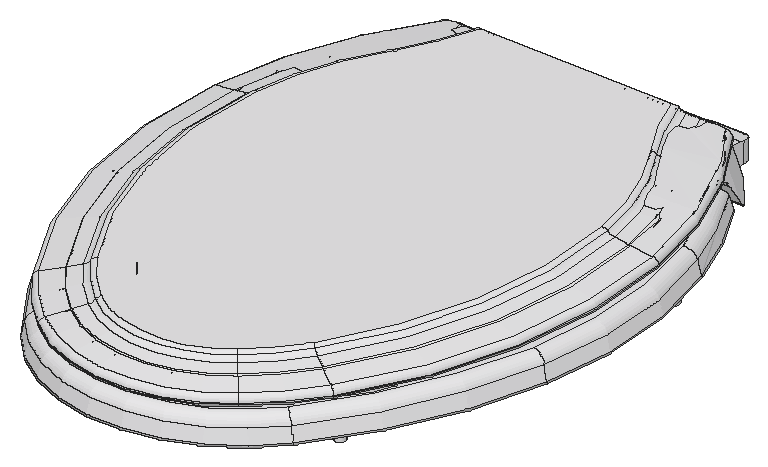
Revit family "Toilet_Seat-Elongated_Closed_Front-KOHLER-Rutledge-K-24764_1", category Specialty Equipment, host Face, Revit 2017
Family settings
  Host = Face
  Round Connector Dimension = Use Diameter
  Part Type = Normal
  OmniClass Number = 23.31.19.19.17
  OmniClass Title = Water Closet Seats
  Cut with Voids When Loaded = No
  Shared = No
  Room Calculation Point = No
Parameters (values of type "0-White")
  Width = 14.1811"  # constant formula
  WaterSense Certified = 1 = 0  # no
  URL = "https://www.us.kohler.com/us/"
  Type = 1
  Product Page URL = "http://www.us.kohler.com/us/catalog/productDetails.jsp?productId=24764-RL"
  Product Name = "Rutledge"  # constant formula
  Product Documentation Link = "https://www.us.kohler.com/webassets/kpna/catalog/pdf/en/K-24764-RL_spec_US-CA_Kohler_en.pdf"
  Model = "K-24764-RL-0"  # constant formula
  Material = "Plastic"  # constant formula
  Master Format 2014 Name = "Toilet, Bath, and Laundry Accessories"  # constant formula
  Master Format 2014 = "10 28 00"  # constant formula
  Manufacturer Address = "444 Highland Dr, Kohler, WI 53044"  # constant formula
  Manufacturer = "KOHLER Co."  # constant formula
  Length = 19.76378"  # constant formula
  Height = 2.18898"  # constant formula
  Finish = Kohler-Plastic-0-White
  Environmental Product Declaration = ""
  Description = "Nightlight Readylatch QC Elongated Toilet Seat"  # constant formula
  Default Elevation = 15"
  Declare Label = ""
  Date Modified = "12/23/2021"  # constant formula
  Date Created = "12/23/2021"  # constant formula
  Copyright = "Copyright KOHLER Co."  # constant formula
  Contact Us = "https://www.us.kohler.com/us/static/contact.jsp"
  Assembly Code = "C1030200"
  ADA Compliant = 1 = 0  # no
Reference planes (in)
  plane 1 "Center (Front/Back)": y = 0
  plane 2: z = 0
  plane 3 "Center (Left/Right)": x = 0
  plane 4: y = 9.40784
  plane 5: x = 2.75
  plane 6: x = 7.09055
  plane 7: x = -7.09055
  plane 8: y = -9.29294
  plane 9: x = -2.75
  plane 10: y = 8.75699
  plane 11: z = -0.16535
  plane 12: y = 10.47084
  plane 13: z = 2.18898
  plane 14: z = 1.09078
  plane 15: z = -0.04
  plane 16: y = -6.93074
  plane 17: y = 5.35273
  plane 18: x = -4.13386
  plane 19: x = 4.13386
  plane 20: y = 0.58895
Forms (in)
  Extrusion 1, void
    sketch origin (0, 0, 0) x (1, 0, 0) y (0, 1, 0)
      loop
        spline (-0.00619, 6.3544) -> (-1.199, 6.13377) -> (-2.31053, 5.48692) -> (-3.26502, 4.45794) -> (-3.99742, 3.11693) -> (-4.45783, 1.5553) -> (-4.61487, -0.12053) -> (-4.45783, -1.79636) -> (-3.99742, -3.35799) -> (-3.26502, -4.699) -> (-2.31053, -5.72798) -> (-1.199, -6.37483) -> (-0.00619, -6.59546)
        spline (-0.00619, -6.59546) -> (1.18663, -6.37483) -> (2.29816, -5.72798) -> (3.25265, -4.699) -> (3.98505, -3.35799) -> (4.44546, -1.79636) -> (4.6025, -0.12053) -> (4.44546, 1.5553) -> (3.98505, 3.11693) -> (3.25265, 4.45794) -> (2.29816, 5.48692) -> (1.18663, 6.13377) -> (-0.00619, 6.3544)
    from 0.10156 to -0.37964
Dimensions and locks (in)
  plane 8 to plane 4 = 18.70079"
  locked: plane 8 to plane 1 "Center (Front/Back)" at 9.29294
  "Width": plane 7 to plane 6
  "Length": plane 12 to plane 8
  plane 14 to level = 1.09078"
  "Height": plane 13 to level
  plane 13 to plane 11 = 2.35433"
  plane 10 to plane 8 = 18.04993"
  plane 8 to plane 20 = 9.88189"
  aligned and locked: plane 2 to host face
  aligned and locked: level to host face
Automatic sketch dimensions
  host sketch curve to host sketch curve = 96"  (x2)
  Extrusion 1 sketch curve to plane 3 "Center (Left/Right)" = 0.00619"
  plane 1 "Center (Front/Back)" to Extrusion 1 sketch curve = 0.12053"
  plane 10 to Extrusion 1 sketch curve = 2.40259"
Nested families (in)
  nested 1: "K-24764" at (0, 0, 0), type "K-24764"
  nested 2: "Light_Source" at (0, 7.50824, 0.07382) x (0, 1, 0) z (0, 0, 1), type "Light_Source"
Definition of nested family "K-24764"
  Parameters (values of type "K-24764")
    not RL = not(RL)  # yes
    RL = no
    Material = none
  Reference planes (in)
    plane 1 "Center (Front/Back)": y = 0
    plane 2: z = 0
    plane 3 "Center (Left/Right)": x = 0
    plane 4: x = 2.75
    plane 5: x = -2.75
    plane 6: x = 7.09055
    plane 7: x = -7.09055
    plane 8: y = 9.40784
    plane 9: y = -9.29294
    plane 10: y = 5.36159
    plane 11: y = -6.84313
    plane 12: y = 8.75699
    plane 13: y = 10.47084
    plane 14: z = 2.18898
    plane 15: z = -0.16535
    plane 16: z = 1.09078
    plane 17: z = -0.04
  Forms (in)
    Extrusion 1, void
      sketch origin (0, 0, 0) x (1, 0, 0) y (0, 1, 0)
        loop
          arc (-4.7045, 3.63398) -> (-5.09106, 1.65519) -> (-4.8268, -0.34361) r 6.24306
          arc (-4.8268, -0.34361) -> (-3.96939, -2.73079) -> (-2.87248, -5.01785) r 24.7856
          arc (-2.87248, -5.01785) -> (-1.86321, -6.26637) -> (-0.4765, -7.07537) r 4.44887
          arc (-0.4765, -7.07537) -> (0, -7.15881) -> (0.4765, -7.07537) r 1.40234
          arc (0.4765, -7.07537) -> (1.86321, -6.26637) -> (2.87248, -5.01785) r 4.44887
          arc (2.87248, -5.01785) -> (3.96939, -2.73079) -> (4.8268, -0.34361) r 24.7856
          arc (4.8268, -0.34361) -> (5.09106, 1.65519) -> (4.7045, 3.63397) r 6.24306
          spline (4.7045, 3.63397) -> (4.5987, 3.88914) -> (4.47391, 4.13559) -> (4.33093, 4.37196) -> (4.1705, 4.59685) -> (3.99347, 4.80893) -> (3.80092, 5.00705) -> (3.59399, 5.19013) -> (3.37383, 5.35706) -> (3.14164, 5.50682) -> (2.89879, 5.63863) -> (2.6467, 5.75179) -> (2.38678, 5.84561)
          spline (2.38678, 5.84561) -> (1.9987, 5.95834) -> (1.60534, 6.05098) -> (1.20773, 6.12331) -> (0.80694, 6.17513) -> (0.40401, 6.20624) -> (0, 6.21661) -> (-0.404, 6.20624) -> (-0.80693, 6.17513) -> (-1.20773, 6.12331) -> (-1.60533, 6.05098) -> (-1.99869, 5.95834) -> (-2.38678, 5.84562)
          spline (-2.38678, 5.84562) -> (-2.64669, 5.7518) -> (-2.89878, 5.63863) -> (-3.14163, 5.50682) -> (-3.37382, 5.35707) -> (-3.59398, 5.19014) -> (-3.80091, 5.00706) -> (-3.99347, 4.80893) -> (-4.1705, 4.59685) -> (-4.33093, 4.37196) -> (-4.47391, 4.1356) -> (-4.59869, 3.88914) -> (-4.7045, 3.63398)
      from 0 to 0.62106
    Extrusion 2, solid, material <- "Material", visible <- "not RL", detail levels medium+fine
      sketch origin (0, 0.22146, 0) x (0, 1, 0) y (0, 0, 1)
        loop
          arc (8.43369, 1.2112) -> (7.945, 1.62491) -> (7.49422, 1.17019) r 0.47164
          line (7.49422, 1.17019) -> (7.45336, 0) -> (8.58241, 0) -> (8.43369, 1.2112)
      from -4.06932 to 4.07795
    Sweep 3, solid, material <- "Material", visible <- "not RL", detail levels medium+fine
      path origin (0, -0.00614, 0.10686) x (1, 0, 0) y (0, 0.999565, -0.029494)
        loop
          arc (4.08913, -1.94237) -> (4.29377, -0.86592) -> (4.38373, 0.22612) r 10.37361
          arc (4.38373, 0.22612) -> (4.27563, 1.84381) -> (3.86057, 3.41108) r 8.4503
          arc (3.86057, 3.41108) -> (3.17947, 4.44665) -> (2.11343, 5.07899) r 2.75591
          arc (2.11343, 5.07899) -> (0.00001, 5.40768) -> (-2.11342, 5.079) r 6.95902
          arc (-2.11342, 5.079) -> (-3.17946, 4.44665) -> (-3.86056, 3.41109) r 2.75591
          arc (-3.86056, 3.41109) -> (-4.27368, 1.85558) -> (-4.38439, 0.24995) r 8.4503
          arc (-4.38439, 0.24995) -> (-4.29558, -0.85684) -> (-4.08897, -1.94779) r 10.37361
          arc (-4.08897, -1.94779) -> (-3.59991, -3.44894) -> (-2.89415, -4.86122) r 10.64256
          arc (-2.89415, -4.86122) -> (-2.62612, -5.28075) -> (-2.33272, -5.68295) r 8.0693
          arc (-2.33272, -5.68295) -> (-0.00402, -6.82279) -> (2.32621, -5.68608) r 2.95276
          arc (2.32621, -5.68608) -> (2.62321, -5.2798) -> (2.89431, -4.85579) r 8.0693
          arc (2.89431, -4.85579) -> (3.60007, -3.44351) -> (4.08913, -1.94237) r 10.64256
      profile origin (-4.38439, 0.24371, 0.09949) x (-0.999648, -0.026517, 0.000782) y (0, 0.029494, 0.999565)
        loop
          arc (0, -0.10263) -> (0.44445, 0.29086) -> (1.01815, 0.44328) r 1.28822
          line (1.01815, 0.44328) -> (1.01815, 0.58755)
          arc (1.01815, 0.58755) -> (0.46094, 0.4376) -> (0, 0.09045) r 1.5174
          line (0, 0.09045) -> (0, -0.10263)
    Extrusion 4, solid, material <- "Material", visible <- "not RL", detail levels medium+fine
      sketch origin (0, 0, 0) x (1, 0, 0) y (0, 1, 0)
        loop
          arc (-3.33655, -5.0745) -> (-3.97995, -5.36566) -> (-4.46268, -5.88114) r 1.80745
          arc (-4.46268, -5.88114) -> (-4.4583, -6.04732) -> (-4.30392, -6.10897) r 0.15114
          arc (-4.30392, -6.10897) -> (-3.65256, -5.83066) -> (-3.16247, -5.31925) r 1.77011
          arc (-3.16247, -5.31925) -> (-3.16749, -5.13855) -> (-3.33655, -5.0745) r 0.16236
        loop
          arc (3.33655, -5.0745) -> (3.16749, -5.13855) -> (3.16247, -5.31925) r 0.16236
          arc (3.16247, -5.31925) -> (3.65256, -5.83066) -> (4.30392, -6.10897) r 1.77011
          arc (4.30392, -6.10897) -> (4.4583, -6.04732) -> (4.46268, -5.88114) r 0.15114
          arc (4.46268, -5.88114) -> (3.97995, -5.36566) -> (3.33655, -5.0745) r 1.80745
        loop
          line (-6.21775, 3.60309) -> (-5.73511, 3.62549)
          arc (-5.73511, 3.62549) -> (-5.64344, 3.69904) -> (-5.6854, 3.80884) r 0.09978
          line (-5.6854, 3.80884) -> (-6.09061, 4.07198)
          arc (-6.09061, 4.07198) -> (-6.47585, 3.92476) -> (-6.21775, 3.60309) r 0.25516
        loop
          arc (6.21775, 3.60309) -> (6.47585, 3.92476) -> (6.09061, 4.07198) r 0.25516
          line (6.09061, 4.07198) -> (5.6854, 3.80884)
          arc (5.6854, 3.80884) -> (5.64344, 3.69904) -> (5.73511, 3.62549) r 0.09978
          line (5.73511, 3.62549) -> (6.21775, 3.60309)
      from 0 to 0.62106
    Extrusion 5, void
      sketch origin (0, 0, -0.1875) x (0, 1, 0) y (0, 0, 1)
        loop
          line (8.93774, 1.49714) -> (8.93774, 1.86694) -> (7.73157, 1.86694) -> (7.73157, 1.49714) -> (8.93774, 1.49714)
      from -3.93701 to 3.93701
    Extrusion 6, void
      sketch origin (0, 0, 0) x (1, 0, 0) y (0, 0, 1)
        loop
          line (3.51327, 0.6836) -> (3.51327, -0.0664) -> (4.15244, -0.0664) -> (4.15244, 0.6836) -> (3.51327, 0.6836)
        loop
          line (-3.51327, 0.6836) -> (-4.15244, 0.6836) -> (-4.15244, -0.0664) -> (-3.51327, -0.0664) -> (-3.51327, 0.6836)
      from -8.86117 to -7.39807
    Extrusion 7, solid, material <- "Material", detail levels coarse
      sketch origin (0, 0, 0) x (1, 0, 0) y (0, 1, 0)
        loop
          arc (-6.48578, 4.12717) -> (-6.94754, 0.87717) -> (-6.48578, -2.37283) r 11.6681
          arc (-6.48578, -2.37283) -> (-5.97198, -3.87821) -> (-5.32017, -5.32918) r 17.05681
          arc (-5.32017, -5.32918) -> (-4.72582, -6.37) -> (-4.03054, -7.3463) r 11.99096
          arc (-4.03054, -7.3463) -> (0, -9.29812) -> (4.03054, -7.3463) r 5.13747
          arc (4.03054, -7.3463) -> (4.72582, -6.37) -> (5.32017, -5.32918) r 11.99096
          arc (5.32017, -5.32918) -> (5.97198, -3.87821) -> (6.48578, -2.37283) r 17.05681
          arc (6.48578, -2.37283) -> (6.94754, 0.87717) -> (6.48578, 4.12717) r 11.6681
          arc (6.48578, 4.12717) -> (5.80053, 6.06933) -> (4.89908, 7.92107) r 18.09986
          arc (4.89908, 7.92107) -> (4.44049, 8.38913) -> (3.80813, 8.56089) r 1.25
          line (3.80813, 8.56089) -> (-3.80813, 8.56089)
          arc (-3.80813, 8.56089) -> (-4.44049, 8.38913) -> (-4.89908, 7.92107) r 1.25
          arc (-4.89908, 7.92107) -> (-5.80053, 6.06933) -> (-6.48578, 4.12717) r 18.09986
      from 0 to 1.8224
    Extrusion 8, solid, material <- "Material", detail levels coarse
      sketch origin (0, 0, 0) x (1, 0, 0) y (0, 1, 0)
        loop
          line (3.51327, 8.56089) -> (3.51327, 10.15725) -> (1.983, 10.15725) -> (1.983, 8.56089) -> (3.51327, 8.56089)
        loop
          line (-1.983, 8.56089) -> (-1.983, 10.15725) -> (-3.51327, 10.15725) -> (-3.51327, 8.56089) -> (-1.983, 8.56089)
      from 0 to 0.6836
    Extrusion 9, solid, material <- "Material", visible <- "not RL", detail levels medium+fine
      sketch origin (0, 0.36909, 0) x (0, 1, 0) y (0, 0, -1)
        loop
          arc (8.32203, -0.76192) -> (8.91609, -0.72367) -> (9.50377, -0.62882) r 6.22173
          arc (9.50377, -0.62882) -> (9.77491, -0.56866) -> (10.04473, -0.50285) r 13.27733
          arc (10.04473, -0.50285) -> (10.1015, -0.4368) -> (10.0588, -0.36089) r 0.07589
          arc (10.0588, -0.36089) -> (9.98489, -0.29672) -> (9.95409, -0.20382) r 0.18493
          arc (9.95409, -0.20382) -> (9.9498, -0.10194) -> (9.9476, 0) r 4.97213
          line (9.9476, 0) -> (8.32203, 0) -> (8.32203, -0.76192)
      from 1.983 to 3.51327
    Extrusion 10, void
      sketch origin (0, 0, 0) x (1, 0, 0) y (0, 1, 0)
        loop
          arc (-3.51327, 9.99338) -> (-3.37343, 10.33099) -> (-3.03582, 10.47084) r 0.47745
          line (-3.03582, 10.47084) -> (-2.45956, 10.47084)
          arc (-2.45956, 10.47084) -> (-2.12258, 10.33125) -> (-1.983, 9.99427) r 0.47656
          line (-1.983, 9.99427) -> (-1.6808, 9.99427) -> (-1.6808, 10.82702) -> (-3.9308, 10.82702) -> (-3.9308, 9.99338) -> (-3.51327, 9.99338)
        loop
          line (3.51327, 9.99338) -> (3.9308, 9.99338) -> (3.9308, 10.82702) -> (1.6808, 10.82702) -> (1.6808, 9.99427) -> (1.983, 9.99427)
          arc (1.983, 9.99427) -> (2.12258, 10.33125) -> (2.45956, 10.47084) r 0.47656
          line (2.45956, 10.47084) -> (3.03582, 10.47084)
          arc (3.03582, 10.47084) -> (3.37343, 10.33099) -> (3.51327, 9.99338) r 0.47745
      from 0 to 0.62106
    Extrusion 11, solid, material <- "Material", detail levels coarse
      sketch origin (0, 0.3937, 0) x (1, 0, 0) y (0, 1, 0)
        loop
          spline (0, -6.20079) -> (1.06992, -6.00627) -> (2.06693, -5.43597) -> (2.92308, -4.52876) -> (3.58003, -3.34646) -> (3.993, -1.96964) -> (4.13386, -0.49213) -> (3.993, 0.98538) -> (3.58003, 2.3622) -> (2.92308, 3.54451) -> (2.06693, 4.45172) -> (1.06992, 5.02202) -> (0, 5.21654)
          spline (0, 5.21654) -> (-1.06992, 5.02202) -> (-2.06693, 4.45172) -> (-2.92308, 3.54451) -> (-3.58003, 2.3622) -> (-3.993, 0.98538) -> (-4.13386, -0.49213) -> (-3.993, -1.96964) -> (-3.58003, -3.34646) -> (-2.92308, -4.52876) -> (-2.06693, -5.43597) -> (-1.06992, -6.00627) -> (0, -6.20079)
      from 0 to -0.16535
    Sweep 12, solid, material <- "Material", visible <- "not RL", detail levels medium+fine
      path origin (0, 0, 0) x (1, 0, 0) y (0, 1, 0)
        loop
          arc (-4.03054, -7.3463) -> (0, -9.29812) -> (4.03054, -7.3463) r 5.13747
          arc (4.03054, -7.3463) -> (5.76896, -4.54269) -> (6.82993, -1.41914) r 14.52506
          arc (6.82993, -1.41914) -> (7.08154, 1.66733) -> (6.51725, 4.71219) r 11.73798
          arc (6.51725, 4.71219) -> (5.92448, 6.19402) -> (5.14466, 7.58653) r 12.28859
          line (5.14466, 7.58653) -> (-5.14466, 7.58653)
          arc (-5.14466, 7.58653) -> (-5.92448, 6.19402) -> (-6.51725, 4.71219) r 12.28859
          arc (-6.51725, 4.71219) -> (-7.08154, 1.66733) -> (-6.82993, -1.41914) r 11.73798
          arc (-6.82993, -1.41914) -> (-5.76896, -4.54269) -> (-4.03054, -7.3463) r 14.52506
      profile origin (0, -9.29812, 0) x (0, 1, 0) y (0, 0, 1)
        loop
          line (0.06435, 0.31852) -> (2.40369, 0.31852) -> (2.40369, 1.09078) -> (0.49641, 1.09078)
          arc (0.49641, 1.09078) -> (0.25674, 1.00943) -> (0.11612, 0.79898) r 0.3937
          line (0.11612, 0.79898) -> (0.0073, 0.39286)
          arc (0.0073, 0.39286) -> (0.01749, 0.34162) -> (0.06435, 0.31852) r 0.05906
    Extrusion 13, solid, material <- "Material", visible <- "not RL", detail levels medium+fine
      sketch origin (0, 0, 0) x (1, 0, 0) y (0, 1, 0)
        loop
          arc (4.23223, 3.96624) -> (4.00811, 4.58265) -> (3.74361, 5.18284) r 9.8849
          line (3.74361, 5.18284) -> (-3.74361, 5.18284)
          arc (-3.74361, 5.18284) -> (-4.00811, 4.58265) -> (-4.23223, 3.96624) r 9.8849
          arc (-4.23223, 3.96624) -> (-4.68097, 1.54491) -> (-4.48088, -0.90951) r 9.33429
          arc (-4.48088, -0.90951) -> (-3.59548, -3.51617) -> (-2.14475, -5.85581) r 12.12137
          arc (-2.14475, -5.85581) -> (0, -6.89443) -> (2.14475, -5.85581) r 2.73377
          arc (2.14475, -5.85581) -> (3.59548, -3.51617) -> (4.48088, -0.90951) r 12.12137
          arc (4.48088, -0.90951) -> (4.68097, 1.54491) -> (4.23223, 3.96624) r 9.33429
      from 1.09078 to 0.31852
    Sweep 14, solid, material <- "Material", detail levels medium+fine
      path origin (0, 0.01942, 0.09999) x (1, 0, 0) y (0, 0.999925, 0.012217)
        loop
          arc (2.97065, -8.00837) -> (3.7711, -7.24369) -> (4.45379, -6.37226) r 7.70956
          arc (4.45379, -6.37226) -> (6.39654, -1.9036) -> (6.6154, 2.96418) r 13.41804
          arc (6.6154, 2.96418) -> (5.32401, 6.98292) -> (2.74448, 10.32418) r 12.24238
          line (2.74448, 10.32418) -> (-2.74448, 10.32418)
          arc (-2.74448, 10.32418) -> (-5.32401, 6.98292) -> (-6.6154, 2.96418) r 12.24238
          arc (-6.6154, 2.96418) -> (-6.39654, -1.9036) -> (-4.45379, -6.37226) r 13.41804
          arc (-4.45379, -6.37226) -> (-3.7711, -7.24369) -> (-2.97065, -8.00837) r 7.70956
          arc (-2.97065, -8.00837) -> (0, -9.07709) -> (2.97065, -8.00837) r 4.66301
      profile origin (0, -9.05699, -0.0109) x (0, -0.999925, -0.012217) y (0, -0.012217, 0.999925)
        loop
          line (-2.42833, 1.2291) -> (-1.54565, 1.2291)
          arc (-1.54565, 1.2291) -> (-0.87377, 1.24015) -> (-0.20262, 1.27328) r 20.43527
          arc (-0.20262, 1.27328) -> (-0.12971, 1.27556) -> (-0.05682, 1.27279) r 1.05548
          arc (-0.05682, 1.27279) -> (-0.02122, 1.28532) -> (-0.00615, 1.31991) r 0.04724
          line (-0.00615, 1.31991) -> (-0.00615, 1.35092)
          arc (-0.00615, 1.35092) -> (-0.04974, 1.47445) -> (-0.16119, 1.54328) r 0.19685
          arc (-0.16119, 1.54328) -> (-0.88996, 1.69726) -> (-1.62046, 1.8428) r 64.40106
          line (-1.62046, 1.8428) -> (-2.42833, 1.8428) -> (-2.42833, 1.2291)
    Extrusion 15, solid, material <- "Material", detail levels medium+fine
      sketch origin (0, 0, 0) x (0, 1, 0) y (0, 0, 1)
        loop
          line (8.75708, 0.52) -> (8.60206, 1.70839) -> (6.46265, 1.59627)
          arc (6.46265, 1.59627) -> (6.94563, 1.498) -> (7.32041, 1.17791) r 0.98425
          line (7.32041, 1.17791) -> (7.81164, 0.47637)
          arc (7.81164, 0.47637) -> (7.89666, 0.40779) -> (8.00515, 0.39509) r 0.19685
          line (8.00515, 0.39509) -> (8.75708, 0.52)
      from -3.96662 to -5.52785
    Sweep 16, solid, material <- "Material", detail levels medium+fine
      path origin (0, 0.01942, 0.09999) x (1, 0, 0) y (0, 0.999925, 0.012217)
        loop
          arc (2.97065, -8.00837) -> (3.7711, -7.24369) -> (4.45379, -6.37226) r 7.70956
          arc (4.45379, -6.37226) -> (6.39654, -1.9036) -> (6.6154, 2.96418) r 13.41804
          arc (6.6154, 2.96418) -> (6.07545, 5.07639) -> (5.07742, 7.01467) r 9.70004
          arc (5.07742, 7.01467) -> (4.29435, 8.59594) -> (3.93825, 10.32418) r 6.89535
          line (3.93825, 10.32418) -> (-3.93825, 10.32418)
          arc (-3.93825, 10.32418) -> (-4.29435, 8.59594) -> (-5.07742, 7.01467) r 6.89535
          arc (-5.07742, 7.01467) -> (-6.07545, 5.07639) -> (-6.6154, 2.96418) r 9.70004
          arc (-6.6154, 2.96418) -> (-6.39654, -1.9036) -> (-4.45379, -6.37226) r 13.41804
          arc (-4.45379, -6.37226) -> (-3.7711, -7.24369) -> (-2.97065, -8.00837) r 7.70956
          arc (-2.97065, -8.00837) -> (0, -9.07709) -> (2.97065, -8.00837) r 4.66301
      profile origin (0, -9.05699, -0.0109) x (0, -0.999925, -0.012217) y (0, -0.012217, 0.999925)
        loop
          line (-1.51852, 1.93918) -> (-2.42833, 1.93918) -> (-2.42833, 1.56404) -> (-0.53623, 1.56404)
          arc (-0.53623, 1.56404) -> (-0.66281, 1.63517) -> (-0.80123, 1.67898) r 0.70815
          arc (-0.80123, 1.67898) -> (-0.99202, 1.71812) -> (-1.18293, 1.75668) r 64.40106
          arc (-1.18293, 1.75668) -> (-1.28409, 1.79589) -> (-1.3661, 1.8669) r 0.31702
          arc (-1.3661, 1.8669) -> (-1.43418, 1.92019) -> (-1.51852, 1.93918) r 0.19685
    Extrusion 17, void
      sketch origin (0, 0, 0) x (0, 1, 0) y (0, 0, 1)
        loop
          line (8.76034, 0.49498) -> (10.42138, 0.49498) -> (10.42138, 2.40238) -> (8.10622, 2.40238) -> (8.10622, 2.15287)
          arc (8.10622, 2.15287) -> (8.22986, 2.10981) -> (8.3, 1.99926) r 0.19903
          arc (8.3, 1.99926) -> (8.31986, 1.95646) -> (8.35508, 1.92507) r 0.11631
          line (8.35508, 1.92507) -> (8.51755, 1.83127)
          arc (8.51755, 1.83127) -> (8.575, 1.77743) -> (8.60267, 1.70372) r 0.17314
          line (8.60267, 1.70372) -> (8.76034, 0.49498)
      from 11.81102 to -11.81102
    Extrusion 18, void
      sketch origin (-1.07717, 0, -1.85774) x (0.927184, 0, -0.374607) y (0, 1, 0)
        loop
          line (-2.83516, 10.04955) -> (-7.62699, 10.04955) -> (-7.62699, 5.32542) -> (-5.83073, 5.32542)
          arc (-5.83073, 5.32542) -> (-4.67293, 7.90307) -> (-2.83516, 10.04955) r 9.91708
      from 0 to 3.93701
    Extrusion 19, void
      sketch origin (1.05257, 0, -1.85774) x (-0.927184, 0, -0.374607) y (0, -1, 0)
        loop
          arc (-2.83516, -10.04955) -> (-4.67293, -7.90307) -> (-5.83073, -5.32542) r 9.91708
          line (-5.83073, -5.32542) -> (-7.62699, -5.32542) -> (-7.62699, -10.04955) -> (-2.83516, -10.04955)
      from 0 to 3.93701
    Extrusion 20, solid, material <- "Material", detail levels medium+fine
      sketch origin (0, 0, 0) x (0, 1, 0) y (0, 0, -1)
        loop
          line (8.75708, -0.52) -> (8.00515, -0.39509)
          arc (8.00515, -0.39509) -> (7.89666, -0.40779) -> (7.81164, -0.47637) r 0.19685
          line (7.81164, -0.47637) -> (7.32041, -1.17791)
          arc (7.32041, -1.17791) -> (6.94563, -1.498) -> (6.46265, -1.59627) r 0.98425
          line (6.46265, -1.59627) -> (8.60206, -1.70839) -> (8.75708, -0.52)
      from -3.96662 to -5.52785
    Extrusion 21, solid, material <- "Material", detail levels medium+fine
      sketch origin (13.54696, 10.35406, 2.16559) x (-0.999992, -0.003939, -0.000048) y (0.003939, -0.999918, -0.012217)
        loop
          line (11.0321, 2.41982) -> (16.08102, 2.39993)
          arc (16.08102, 2.39993) -> (16.43118, 3.61793) -> (16.91559, 4.78903) r 11.29437
          arc (16.91559, 4.78903) -> (17.46167, 6.19009) -> (17.78731, 7.65814) r 9.81405
          arc (17.78731, 7.65814) -> (17.62377, 11.64565) -> (16.04703, 15.31183) r 10.98971
          arc (16.04703, 15.31183) -> (15.58173, 15.91062) -> (15.03547, 16.4366) r 5.28123
          arc (15.03547, 16.4366) -> (13.61385, 16.95437) -> (12.18821, 16.44781) r 2.23468
          arc (12.18821, 16.44781) -> (11.63782, 15.92615) -> (11.16781, 15.33105) r 5.28123
          arc (11.16781, 15.33105) -> (9.56224, 11.6774) -> (9.36729, 7.69131) r 10.98971
          arc (9.36729, 7.69131) -> (9.68135, 6.22074) -> (10.21638, 4.81542) r 9.81405
          arc (10.21638, 4.81542) -> (10.69155, 3.64054) -> (11.0321, 2.41982) r 11.29437
      from 0 to -0.71008
    Extrusion 22, solid, material <- "Material", detail levels medium+fine
      sketch origin (13.54696, 10.35406, 2.16559) x (-0.999992, -0.003939, -0.000048) y (0.003939, -0.999918, -0.012217)
        loop
          arc (19.39768, 5.09339) -> (19.62983, 5.5914) -> (19.75845, 6.12559) r 2.75272
          arc (19.75845, 6.12559) -> (19.69113, 6.23549) -> (19.5701, 6.19121) r 0.10173
          arc (19.5701, 6.19121) -> (19.33918, 5.69247) -> (19.21253, 5.15766) r 2.73807
          arc (19.21253, 5.15766) -> (19.27889, 5.04999) -> (19.39768, 5.09339) r 0.10003
        loop
          arc (7.73676, 5.13933) -> (7.85521, 5.095) -> (7.92241, 5.20213) r 0.10003
          arc (7.92241, 5.20213) -> (7.79998, 5.73792) -> (7.573, 6.23847) r 2.73807
          arc (7.573, 6.23847) -> (7.45232, 6.2837) -> (7.38414, 6.17434) r 0.10173
          arc (7.38414, 6.17434) -> (7.50854, 5.63915) -> (7.73676, 5.13933) r 2.75272
      from -0.46881 to -0.79011
    Extrusion 23, solid, material <- "Material", detail levels medium+fine
      sketch origin (13.54696, 10.35406, 2.16559) x (-0.999992, -0.003939, -0.000048) y (0.003939, -0.999918, -0.012217)
        loop
          arc (18.49949, 15.0185) -> (18.61949, 15.00295) -> (18.66116, 15.11655) r 0.09693
          arc (18.66116, 15.11655) -> (18.43273, 15.62498) -> (18.10796, 16.07798) r 2.79497
          arc (18.10796, 16.07798) -> (17.98709, 16.0992) -> (17.93994, 15.98589) r 0.09817
          arc (17.93994, 15.98589) -> (18.16053, 15.46796) -> (18.49949, 15.0185) r 2.3173
        loop
          arc (8.71312, 15.05705) -> (9.05561, 15.50383) -> (9.28027, 16.02001) r 2.3173
          arc (9.28027, 16.02001) -> (9.23402, 16.13368) -> (9.11299, 16.11341) r 0.09817
          arc (9.11299, 16.11341) -> (8.78465, 15.66299) -> (8.55223, 15.15637) r 2.79497
          arc (8.55223, 15.15637) -> (8.59301, 15.04245) -> (8.71312, 15.05705) r 0.09693
      from -0.58586 to -0.821
    Extrusion 24, solid, material <- "Material", visible <- "not RL", detail levels medium+fine
      sketch origin (0, 0, 0) x (0, 1, 0) y (0, 0, 1)
        loop
          line (7.17658, 0) -> (7.7397, 0) -> (7.7397, 0.20868)
          arc (7.7397, 0.20868) -> (7.43085, 0.17797) -> (7.17658, 0) r 0.61338
      from 1.1811 to -1.1811
    Extrusion 25, solid, material <- "Material", detail levels medium+fine
      sketch origin (0, 0, 0) x (0, 1, 0) y (0, 0, 1)
        loop
          arc (7.72719, 1.25859) -> (7.42815, 1.08374) -> (7.08175, 1.08509) r 0.65768
          line (7.08175, 1.08509) -> (7.25769, 0.37945) -> (7.6447, 0.33878) -> (8.76074, 0.51939) -> (7.72719, 1.25859)
      from 3.72448 to -3.93701
    Extrusion 26, solid, material <- "Material", visible <- "not RL", detail levels medium+fine
      sketch origin (0, 0.36909, 0) x (0, 1, 0) y (0, 0, 1)
        loop
          line (8.32203, 0.76192) -> (8.32203, 0) -> (9.9476, 0)
          arc (9.9476, 0) -> (9.9498, 0.10194) -> (9.95409, 0.20382) r 4.97213
          arc (9.95409, 0.20382) -> (9.98489, 0.29672) -> (10.0588, 0.36089) r 0.18493
          arc (10.0588, 0.36089) -> (10.1015, 0.4368) -> (10.04473, 0.50285) r 0.07589
          arc (10.04473, 0.50285) -> (9.77491, 0.56866) -> (9.50377, 0.62882) r 13.27733
          arc (9.50377, 0.62882) -> (8.91609, 0.72367) -> (8.32203, 0.76192) r 6.22173
      from 1.983 to 3.51327
    Extrusion 27, void
      sketch origin (0, 0, 0) x (1, 0, 0) y (0, 1, 0)
        loop
          line (-2.82012, 8.27508) -> (2.82012, 8.27508)
          arc (2.82012, 8.27508) -> (3.05702, 8.31358) -> (3.26953, 8.42513) r 0.74803
          line (3.26953, 8.42513) -> (3.45805, 8.56681)
          arc (3.45805, 8.56681) -> (3.8458, 8.84077) -> (4.24897, 9.09149) r 8.07965
          line (4.24897, 9.09149) -> (-4.24897, 9.09149)
          arc (-4.24897, 9.09149) -> (-3.8458, 8.84077) -> (-3.45805, 8.56681) r 8.07965
          line (-3.45805, 8.56681) -> (-3.26953, 8.42513)
          arc (-3.26953, 8.42513) -> (-3.05702, 8.31358) -> (-2.82012, 8.27508) r 0.74803
      from 0 to 2.75591
  Cuts and joins
    Extrusion 10 cuts Extrusion 7
    Extrusion 19 cuts Extrusion 11
    joined: Extrusion 7, Extrusion 8, Extrusion 11
    Extrusion 6 cuts Extrusion 2
    Extrusion 10 cuts Extrusion 9
    Extrusion 1 cuts Sweep 12
    Extrusion 1 cuts Extrusion 13
    joined: Extrusion 2, Extrusion 4, Extrusion 9, Sweep 12, Extrusion 13, Extrusion 24
    Extrusion 5, Extrusion 17, Extrusion 27 cuts Sweep 16
    Extrusion 19 cuts Extrusion 20
    joined: Sweep 16, Extrusion 20, Extrusion 21, Extrusion 23
    Extrusion 10 cuts Extrusion 26
    Extrusion 5, Extrusion 17 cuts Sweep 14
    Extrusion 18, Extrusion 19 cuts Extrusion 15
    joined: Sweep 14, Extrusion 15, Extrusion 22, Extrusion 25
  Lines and regions (in)
    Masking region 1
      outline origin (0, 0, 0) x (1, 0, 0) y (0, 1, 0)
        loop
          arc (-4.03054, -7.3463) -> (0, -9.29812) -> (4.03054, -7.3463) r 5.13747
          arc (4.03054, -7.3463) -> (5.76896, -4.54269) -> (6.82993, -1.41914) r 14.52506
          arc (6.82993, -1.41914) -> (7.08154, 1.66733) -> (6.51725, 4.71219) r 11.73798
          arc (6.51725, 4.71219) -> (5.92448, 6.19402) -> (5.14466, 7.58653) r 12.28859
          line (5.14466, 7.58653) -> (5.11695, 7.81221)
          arc (5.11695, 7.81221) -> (5.09253, 7.91202) -> (5.04549, 8.00336) r 0.43708
          line (5.04549, 8.00336) -> (4.58392, 8.68766)
          arc (4.58392, 8.68766) -> (4.5273, 8.73864) -> (4.45336, 8.75708) r 0.15748
          line (4.45336, 8.75708) -> (4.23229, 8.75708)
          arc (4.23229, 8.75708) -> (4.15982, 8.75412) -> (4.08783, 8.74528) r 0.89044
          line (4.08783, 8.74528) -> (4.07937, 8.61869) -> (4.05, 8.6085) -> (4.05, 8.69883)
          arc (4.05, 8.69883) -> (4.03297, 8.73995) -> (3.99184, 8.75699) r 0.05816
          line (3.99184, 8.75699) -> (3.60956, 8.75699)
          arc (3.60956, 8.75699) -> (3.58453, 8.75639) -> (3.55957, 8.7546) r 0.52491
          line (3.55957, 8.7546) -> (3.55736, 8.72325) -> (3.55339, 8.31558) -> (3.52351, 8.30701) -> (3.51833, 8.67379) -> (3.50769, 8.8235) -> (3.49716, 10.08043)
          arc (3.49716, 10.08043) -> (3.3807, 10.35669) -> (3.10348, 10.47084) r 0.3937
          line (3.10348, 10.47084) -> (2.39652, 10.47084)
          arc (2.39652, 10.47084) -> (2.1193, 10.35669) -> (2.00284, 10.08043) r 0.3937
          line (2.00284, 10.08043) -> (1.99228, 8.81987) -> (-1.99228, 8.81987) -> (-2.00284, 10.08043)
          arc (-2.00284, 10.08043) -> (-2.1193, 10.35669) -> (-2.39652, 10.47084) r 0.3937
          line (-2.39652, 10.47084) -> (-3.10348, 10.47084)
          arc (-3.10348, 10.47084) -> (-3.3807, 10.35669) -> (-3.49716, 10.08043) r 0.3937
          line (-3.49716, 10.08043) -> (-3.50769, 8.8235) -> (-3.51833, 8.67379) -> (-3.52351, 8.30701) -> (-3.55339, 8.31558) -> (-3.55736, 8.72325) -> (-3.55957, 8.7546)
          arc (-3.55957, 8.7546) -> (-3.58453, 8.75639) -> (-3.60956, 8.75699) r 0.52491
          line (-3.60956, 8.75699) -> (-3.99184, 8.75699)
          arc (-3.99184, 8.75699) -> (-4.03297, 8.73995) -> (-4.05, 8.69883) r 0.05816
          line (-4.05, 8.69883) -> (-4.05, 8.6085) -> (-4.07937, 8.61869) -> (-4.08783, 8.74528)
          arc (-4.08783, 8.74528) -> (-4.15982, 8.75412) -> (-4.23229, 8.75708) r 0.89044
          line (-4.23229, 8.75708) -> (-4.45336, 8.75708)
          arc (-4.45336, 8.75708) -> (-4.5273, 8.73864) -> (-4.58392, 8.68766) r 0.15748
          line (-4.58392, 8.68766) -> (-5.04549, 8.00336)
          arc (-5.04549, 8.00336) -> (-5.09253, 7.91202) -> (-5.11695, 7.81221) r 0.43708
          line (-5.11695, 7.81221) -> (-5.14466, 7.58653)
          arc (-5.14466, 7.58653) -> (-5.92448, 6.19402) -> (-6.51725, 4.71219) r 12.28859
          arc (-6.51725, 4.71219) -> (-7.08154, 1.66733) -> (-6.82993, -1.41914) r 11.73798
          arc (-6.82993, -1.41914) -> (-5.76896, -4.54269) -> (-4.03054, -7.3463) r 14.52506
    Masking region 2
      outline origin (0, 0, 0) x (0, 1, 0) y (0, 0, 1)
        loop
          line (-9.23377, 0.31852) -> (-7.16089, 0.31852)
          arc (-7.16089, 0.31852) -> (-7.14463, 0.31294) -> (-7.12759, 0.31066) r 0.08746
          line (-7.12759, 0.31066) -> (-6.27377, 0.28084)
          arc (-6.27377, 0.28084) -> (-6.20645, 0.20113) -> (-6.18167, 0.09978) r 0.22809
          arc (-6.18167, 0.09978) -> (-6.14735, 0.02487) -> (-6.06863, 0.00052) r 0.1009
          line (-6.06863, 0.00052) -> (-6.06863, -0.04) -> (-5.21365, -0.04) -> (-5.21365, 0.00052)
          arc (-5.21365, 0.00052) -> (-5.13494, 0.02487) -> (-5.10061, 0.09978) r 0.1009
          arc (-5.10061, 0.09978) -> (-5.09097, 0.17148) -> (-5.06393, 0.23859) r 0.29097
          line (-5.06393, 0.23859) -> (5.50706, -0.16755)
          arc (5.50706, -0.16755) -> (5.55452, -0.15073) -> (5.57743, -0.10589) r 0.06805
          arc (5.57743, -0.10589) -> (5.6912, 0.16355) -> (5.93925, 0.31852) r 0.48483
          line (5.93925, 0.31852) -> (7.51953, 0.31852) -> (7.68893, 0.34593) -> (7.6847, 0.22471)
          arc (7.6847, 0.22471) -> (7.40932, 0.16057) -> (7.17658, 0) r 0.75825
          line (7.17658, 0) -> (10.2968, 0) -> (10.29885, 0.19659)
          arc (10.29885, 0.19659) -> (10.30144, 0.23786) -> (10.30833, 0.27864) r 0.39539
          arc (10.30833, 0.27864) -> (10.35132, 0.35263) -> (10.42906, 0.38839) r 0.14173
          arc (10.42906, 0.38839) -> (10.4567, 0.40299) -> (10.46776, 0.43223) r 0.04419
          line (10.46776, 0.43223) -> (10.46776, 0.50117)
          arc (10.46776, 0.50117) -> (10.45676, 0.53287) -> (10.42848, 0.55094) r 0.05118
          arc (10.42848, 0.55094) -> (9.64187, 0.69548) -> (8.84438, 0.75597) r 7.54751
          arc (8.84438, 0.75597) -> (8.76676, 0.72241) -> (8.74168, 0.64165) r 0.10126
          line (8.74168, 0.64165) -> (8.60442, 1.69029)
          arc (8.60442, 1.69029) -> (8.57296, 1.7741) -> (8.50765, 1.83531) r 0.19685
          line (8.50765, 1.83531) -> (8.31869, 1.9444)
          arc (8.31869, 1.9444) -> (8.27382, 1.98974) -> (8.25826, 2.0516) r 0.12091
          arc (8.25826, 2.0516) -> (8.2191, 2.14932) -> (8.12158, 2.18898) r 0.13463
          line (8.12158, 2.18898) -> (-7.56227, 1.94668)
          arc (-7.56227, 1.94668) -> (-7.64638, 1.92667) -> (-7.7138, 1.87255) r 0.19685
          arc (-7.7138, 1.87255) -> (-7.79494, 1.80054) -> (-7.89561, 1.7601) r 0.31702
          arc (-7.89561, 1.7601) -> (-8.40559, 1.64923) -> (-8.91466, 1.53423) r 64.40106
          arc (-8.91466, 1.53423) -> (-9.02527, 1.46405) -> (-9.06734, 1.33999) r 0.19685
          line (-9.06734, 1.33999) -> (-9.06696, 1.30899)
          arc (-9.06696, 1.30899) -> (-9.05147, 1.27458) -> (-9.01573, 1.26249) r 0.04724
          arc (-9.01573, 1.26249) -> (-8.94287, 1.26614) -> (-8.86994, 1.26476) r 1.05548
          arc (-8.86994, 1.26476) -> (-8.19843, 1.23983) -> (-7.52647, 1.23699) r 20.43527
          arc (-7.52647, 1.23699) -> (-6.72401, 1.24219) -> (-5.92155, 1.2382) r 69.99468
          arc (-5.92155, 1.2382) -> (-5.86307, 1.22025) -> (-5.82695, 1.17087) r 0.09701
          arc (-5.82695, 1.17087) -> (-5.81082, 1.14854) -> (-5.78462, 1.14) r 0.04446
          line (-5.78462, 1.14) -> (-4.76055, 1.14)
          arc (-4.76055, 1.14) -> (-4.7281, 1.15262) -> (-4.71271, 1.18384) r 0.04803
          line (-4.71271, 1.18384) -> (-4.70644, 1.25549) -> (3.98003, 1.34791)
          arc (3.98003, 1.34791) -> (4.01942, 1.33712) -> (4.04715, 1.30714) r 0.07426
          arc (4.04715, 1.30714) -> (4.06202, 1.29098) -> (4.08315, 1.285) r 0.04033
          line (4.08315, 1.285) -> (5.18958, 1.285)
          arc (5.18958, 1.285) -> (5.20464, 1.288) -> (5.21742, 1.29653) r 0.03937
          line (5.21742, 1.29653) -> (5.24693, 1.32605)
          arc (5.24693, 1.32605) -> (5.28867, 1.35254) -> (5.3377, 1.35874) r 0.11333
          line (5.3377, 1.35874) -> (6.91235, 1.38102)
          arc (6.91235, 1.38102) -> (7.14162, 1.32866) -> (7.32119, 1.17681) r 0.4973
          line (7.32119, 1.17681) -> (7.38903, 1.07991) -> (7.18895, 1.05889)
          arc (7.18895, 1.05889) -> (7.13336, 1.08266) -> (7.07345, 1.09078) r 0.22505
          line (7.07345, 1.09078) -> (-8.80171, 1.09078)
          arc (-8.80171, 1.09078) -> (-9.04138, 1.00943) -> (-9.182, 0.79898) r 0.3937
          line (-9.182, 0.79898) -> (-9.29082, 0.39286)
          arc (-9.29082, 0.39286) -> (-9.28063, 0.34162) -> (-9.23377, 0.31852) r 0.05906
    Masking region 3
      outline origin (0, 0, 0) x (1, 0, 0) y (0, 0, 1)
        loop
          arc (-2.75, -0.1375) -> (0, -0.17799) -> (2.75, -0.1375) r 93.40817
          arc (2.75, -0.1375) -> (3.19457, -0.12296) -> (3.63904, -0.10553) r 68.41174
          arc (3.63904, -0.10553) -> (3.9332, -0.08286) -> (4.2251, -0.04) r 4.28305
          line (4.2251, -0.04) -> (4.43628, -0.04) -> (4.43628, 0.00052)
          arc (4.43628, 0.00052) -> (4.52033, 0.01964) -> (4.55775, 0.09729) r 0.09928
          arc (4.55775, 0.09729) -> (4.55934, 0.12327) -> (4.5641, 0.14886) r 0.21265
          arc (4.5641, 0.14886) -> (4.7358, 0.24159) -> (4.91699, 0.31406) r 1.70265
          line (4.91699, 0.31406) -> (5.58556, 0.31406)
          arc (5.58556, 0.31406) -> (5.61463, 0.26059) -> (5.63731, 0.20413) r 0.52546
          arc (5.63731, 0.20413) -> (5.71406, 0.10015) -> (5.83706, 0.06052) r 0.21072
          line (5.83706, 0.06052) -> (6.36098, 0.06052)
          arc (6.36098, 0.06052) -> (6.43869, 0.08649) -> (6.48518, 0.15396) r 0.12927
          arc (6.48518, 0.15396) -> (6.56569, 0.2702) -> (6.70013, 0.31406) r 0.22151
          line (6.70013, 0.31406) -> (7.03656, 0.31406)
          arc (7.03656, 0.31406) -> (7.08341, 0.33716) -> (7.09361, 0.3884) r 0.05906
          line (7.09361, 0.3884) -> (6.97984, 0.81297)
          arc (6.97984, 0.81297) -> (6.83922, 1.02342) -> (6.59955, 1.10477) r 0.3937
          line (6.59955, 1.10477) -> (5.15973, 1.10477) -> (5.17533, 1.24477)
          arc (5.17533, 1.24477) -> (5.96207, 1.26822) -> (6.74842, 1.3024) r 57.68827
          arc (6.74842, 1.3024) -> (6.80812, 1.3347) -> (6.82052, 1.40142) r 0.07874
          line (6.82052, 1.40142) -> (6.78675, 1.52748)
          arc (6.78675, 1.52748) -> (6.70043, 1.64729) -> (6.57096, 1.7183) r 0.33472
          line (6.57096, 1.7183) -> (5.97022, 1.89056)
          arc (5.97022, 1.89056) -> (5.91302, 1.91578) -> (5.86469, 1.95543) r 0.23063
          arc (5.86469, 1.95543) -> (5.79779, 2.00441) -> (5.71745, 2.02492) r 0.21836
          arc (5.71745, 2.02492) -> (0, 2.19342) -> (-5.71745, 2.02492) r 97.08599
          arc (-5.71745, 2.02492) -> (-5.79779, 2.00441) -> (-5.86469, 1.95543) r 0.21836
          arc (-5.86469, 1.95543) -> (-5.91302, 1.91578) -> (-5.97022, 1.89056) r 0.23063
          line (-5.97022, 1.89056) -> (-6.57096, 1.7183)
          arc (-6.57096, 1.7183) -> (-6.70043, 1.64729) -> (-6.78675, 1.52748) r 0.33472
          line (-6.78675, 1.52748) -> (-6.82052, 1.40142)
          arc (-6.82052, 1.40142) -> (-6.80812, 1.3347) -> (-6.74842, 1.3024) r 0.07874
          arc (-6.74842, 1.3024) -> (-5.96207, 1.26822) -> (-5.17533, 1.24477) r 57.68827
          line (-5.17533, 1.24477) -> (-5.15973, 1.10477) -> (-6.59955, 1.10477)
          arc (-6.59955, 1.10477) -> (-6.83922, 1.02342) -> (-6.97984, 0.81297) r 0.3937
          line (-6.97984, 0.81297) -> (-7.09361, 0.3884)
          arc (-7.09361, 0.3884) -> (-7.08341, 0.33716) -> (-7.03656, 0.31406) r 0.05906
          line (-7.03656, 0.31406) -> (-6.70013, 0.31406)
          arc (-6.70013, 0.31406) -> (-6.56569, 0.2702) -> (-6.48518, 0.15396) r 0.22151
          arc (-6.48518, 0.15396) -> (-6.43869, 0.08649) -> (-6.36098, 0.06052) r 0.12927
          line (-6.36098, 0.06052) -> (-5.83706, 0.06052)
          arc (-5.83706, 0.06052) -> (-5.71406, 0.10015) -> (-5.63731, 0.20413) r 0.21072
          arc (-5.63731, 0.20413) -> (-5.61463, 0.26059) -> (-5.58556, 0.31406) r 0.52546
          line (-5.58556, 0.31406) -> (-4.91699, 0.31406)
          arc (-4.91699, 0.31406) -> (-4.7358, 0.24159) -> (-4.5641, 0.14886) r 1.70265
          arc (-4.5641, 0.14886) -> (-4.55934, 0.12327) -> (-4.55775, 0.09729) r 0.21265
          arc (-4.55775, 0.09729) -> (-4.52033, 0.01964) -> (-4.43628, 0.00052) r 0.09928
          line (-4.43628, 0.00052) -> (-4.43628, -0.04) -> (-4.2251, -0.04)
          arc (-4.2251, -0.04) -> (-3.9332, -0.08286) -> (-3.63904, -0.10553) r 4.28305
          arc (-3.63904, -0.10553) -> (-3.19457, -0.12296) -> (-2.75, -0.1375) r 68.41174
    symbolic lines, detail levels medium+fine
      curve 1: arc (2.97065, -7.98773, 0) -> (0, -9.05645, 0) -> (-2.97065, -7.98773, 0) r 4.66301
      curve 2: arc (-4.45379, -6.35162, 0) -> (-3.7711, -7.22305, 0) -> (-2.97065, -7.98773, 0) r 7.70956
      curve 3: arc (-6.6154, 2.98482, 0) -> (-6.39654, -1.88296, 0) -> (-4.45379, -6.35162, 0) r 13.41804
      curve 4: arc (-4.34997, 8.55981, 0) -> (-5.83057, 5.91368, 0) -> (-6.6154, 2.98482, 0) r 12.24238
      curve 5: arc (-3.60405, -5.74557, 0) -> (0, -7.73204, 0) -> (3.60405, -5.74557, 0) r 4.26265
      curve 6: arc (-5.80956, 2.86739, 0) -> (-5.38549, -1.61288, 0) -> (-3.60405, -5.74557, 0) r 14.45408
      curve 7: arc (-4.71029, 5.94103, 0) -> (-5.4777, 4.48209, 0) -> (-5.80956, 2.86739, 0) r 5.8748
      curve 8: line (-3.76355, 7.89035, 0) -> (-3.67953, 8.18337, 0)
      curve 9: arc (-3.76355, 7.89035, 0) -> (-4.15247, 6.87467, 0) -> (-4.71029, 5.94103, 0) r 6.29921
      curve 10: arc (-4.05, 8.60848, 0) -> (-3.99748, 8.59389, 0) -> (-3.95017, 8.56681, 0) r 0.2194
      curve 11: line (-4.46847, 8.75633, 0) -> (-4.24918, 8.63473, 0)
      curve 12: line (-3.55443, 8.68177, 0) -> (-3.98441, 8.68177, 0)
      curve 13: line (3.50165, 8.68177, 0) -> (-3.49004, 8.68177, 0)
      curve 14: line (-4.17244, 8.61604, 0) -> (-4.07937, 8.61869, 0)
      curve 15: arc (-4.24918, 8.63473, 0) -> (-4.21207, 8.62023, 0) -> (-4.17244, 8.61604, 0) r 0.14947
      curve 16: arc (-4.21897, 8.62208, 0) -> (-4.2923, 8.60742, 0) -> (-4.34997, 8.55981, 0) r 0.1533
      curve 17: line (-3.31224, 8.27508, 0) -> (3.31224, 8.27508, 0)
      curve 18: line (-3.95017, 8.56681, 0) -> (-3.76166, 8.42513, 0)
      curve 19: arc (-3.76166, 8.42513, 0) -> (-3.54914, 8.31358, 0) -> (-3.31224, 8.27508, 0) r 0.74803
      curve 20: arc (-3.67953, 8.18337, 0) -> (-3.62134, 8.26975, 0) -> (-3.52353, 8.30554, 0) r 0.16882
      curve 21: arc (-3.98441, 8.68177, 0) -> (-4.02886, 8.6645, 0) -> (-4.05, 8.62175, 0) r 0.06585
      curve 22: arc (-3.49004, 8.68177, 0) -> (-3.50473, 8.67973, 0) -> (-3.51833, 8.67379, 0) r 0.05416
      curve 23: line (-3.39713, 8.86371, 0) -> (-2.10287, 8.86371, 0)
      curve 24: arc (-3.5106, 8.7825, 0) -> (-3.4669, 8.84132, 0) -> (-3.39713, 8.86371, 0) r 0.11988
      curve 25: arc (-1.99203, 8.7895, 0) -> (-2.03617, 8.84344, 0) -> (-2.10287, 8.86371, 0) r 0.11988
      curve 26: line (-3.51301, 8.74865, 0) -> (-1.99169, 8.74865, 0)
      curve 27: line (-1.99257, 8.85422, 0) -> (-1.99169, 8.74865, 0)
      curve 28: arc (4.45379, -6.35162, 0) -> (3.7711, -7.22305, 0) -> (2.97065, -7.98773, 0) r 7.70956
      curve 29: arc (6.6154, 2.98482, 0) -> (6.39654, -1.88296, 0) -> (4.45379, -6.35162, 0) r 13.41804
      curve 30: arc (4.34997, 8.55981, 0) -> (5.83057, 5.91368, 0) -> (6.6154, 2.98482, 0) r 12.24238
      curve 31: arc (5.80956, 2.86739, 0) -> (5.38549, -1.61288, 0) -> (3.60405, -5.74557, 0) r 14.45408
      curve 32: arc (4.71029, 5.94103, 0) -> (5.4777, 4.48209, 0) -> (5.80956, 2.86739, 0) r 5.8748
      curve 33: line (3.76355, 7.89035, 0) -> (3.67953, 8.18337, 0)
      curve 34: arc (3.76355, 7.89035, 0) -> (4.15247, 6.87467, 0) -> (4.71029, 5.94103, 0) r 6.29921
      curve 35: arc (4.05, 8.60848, 0) -> (3.99748, 8.59389, 0) -> (3.95017, 8.56681, 0) r 0.2194
      curve 36: line (4.46847, 8.75633, 0) -> (4.24918, 8.63473, 0)
      curve 37: line (3.55443, 8.68177, 0) -> (3.98441, 8.68177, 0)
      curve 38: line (4.17244, 8.61604, 0) -> (4.07937, 8.61869, 0)
      curve 39: arc (4.24918, 8.63473, 0) -> (4.21207, 8.62023, 0) -> (4.17244, 8.61604, 0) r 0.14947
      curve 40: arc (4.21897, 8.62208, 0) -> (4.2923, 8.60742, 0) -> (4.34997, 8.55981, 0) r 0.1533
      curve 41: line (3.95017, 8.56681, 0) -> (3.76166, 8.42513, 0)
      curve 42: arc (3.76166, 8.42513, 0) -> (3.54914, 8.31358, 0) -> (3.31224, 8.27508, 0) r 0.74803
      curve 43: arc (3.67953, 8.18337, 0) -> (3.62134, 8.26975, 0) -> (3.52353, 8.30554, 0) r 0.16882
      curve 44: arc (3.98441, 8.68177, 0) -> (4.02886, 8.6645, 0) -> (4.05, 8.62175, 0) r 0.06585
      curve 45: arc (3.49004, 8.68177, 0) -> (3.50473, 8.67973, 0) -> (3.51833, 8.67379, 0) r 0.05416
      curve 46: line (3.39713, 8.86371, 0) -> (2.10287, 8.86371, 0)
      curve 47: arc (3.5106, 8.7825, 0) -> (3.4669, 8.84132, 0) -> (3.39713, 8.86371, 0) r 0.11988
      curve 48: arc (1.99203, 8.7895, 0) -> (2.03617, 8.84344, 0) -> (2.10287, 8.86371, 0) r 0.11988
      curve 49: line (3.51301, 8.74865, 0) -> (1.99169, 8.74865, 0)
      curve 50: line (1.99257, 8.85422, 0) -> (1.99169, 8.74865, 0)
      curve 51: arc (5.26972, 7.10561, 0) -> (5.19127, 7.34193, 0) -> (5.14466, 7.58653, 0) r 1.88444
      curve 52: arc (-5.26972, 7.10561, 0) -> (-5.19127, 7.34193, 0) -> (-5.14466, 7.58653, 0) r 1.88444
      curve 53: line (0, -7.7138, 1.87255) -> (0, 8.25828, 2.05591)
      curve 54: line (0, -8.91466, 1.53423) -> (0, 8.50765, 1.83531)
      curve 55: line (0, -4.70644, 1.25549) -> (0, -5.92155, 1.2382)
      curve 56: line (0, -4.71271, 1.18384) -> (0, -5.82695, 1.17087)
      curve 57: line (0, 5.32706, 1.35924) -> (0, 3.98003, 1.34791)
      curve 58: line (0, 5.21742, 1.29653) -> (0, 4.05491, 1.29653)
      curve 59: line (0, -7.16089, 0.31852) -> (0, 5.93925, 0.31852)
      curve 60: arc (0, -6.35257, 0.31852) -> (0, -6.31135, 0.30349) -> (0, -6.27377, 0.28084) r 0.22809
      curve 61: arc (0, -5.06036, 0.24484) -> (0, -5.03249, 0.28425) -> (0, -4.99849, 0.31852) r 0.29097
      curve 62: line (0, -5.21365, 0.00052) -> (0, -6.06863, 0.00052)
      curve 63: line (0, -5.10061, 0.09978) -> (0, -6.18167, 0.09978)
      curve 64: line (0, 3.98376, 0.06052) -> (0, 3.73352, 0.06052)
      curve 65: arc (0, 3.73352, 0.06052) -> (0, 3.64926, 0.09047) -> (0, 3.60281, 0.16688) r 0.13349
      curve 66: arc (0, 3.60281, 0.16688) -> (0, 3.57074, 0.25005) -> (0, 3.51365, 0.31852) r 0.27389
      curve 67: arc (0, 3.98376, 0.06052) -> (0, 4.06801, 0.09047) -> (0, 4.11446, 0.16688) r 0.13349
      curve 68: arc (0, 4.11446, 0.16688) -> (0, 4.14654, 0.25005) -> (0, 4.20362, 0.31852) r 0.27389
      curve 69: line (0, 7.68893, 0.34593) -> (0, 8.76144, 0.51951)
      curve 70: line (0, 8.74168, 0.64165) -> (0, 8.84552, 0)
      curve 71: line (0, 7.81036, 0.47819) -> (0, 7.33217, 1.16111)
      curve 72: arc (0, 8.00306, 0.39677) -> (0, 7.895, 0.40976) -> (0, 7.81036, 0.47819) r 0.19685
      curve 73: arc (0, 7.59031, 0.51677) -> (0, 7.47588, 0.67718) -> (0, 7.37588, 0.84695) r 2.25684
      curve 74: arc (0, 7.51953, 0.31852) -> (0, 7.60947, 0.39817) -> (0, 7.59031, 0.51677) r 0.12459
      curve 75: arc (0, 7.37588, 0.84695) -> (0, 7.29488, 0.96391) -> (0, 7.18895, 1.05889) r 0.60893
      curve 76: line (0, 7.6847, 0.22471) -> (0, 7.67685, 0)
      curve 77: line (0, -9.182, 0.79898) -> (0, 7.40214, 0.79898)
      curve 78: line (0, 5.57743, -0.10589) -> (0, 4.41758, -0.10589)
      curve 79: line (0, 4.41758, -0.10589) -> (0, -5.05216, 0.25795)
      curve 80: line (0, -6.31811, 0.30659) -> (0, -6.62871, 0.31852)
      curve 81: line (0, 4.11446, 0.16688) -> (0, 3.60281, 0.16688)
      curve 82: line (-6.70013, 0, 0.31406) -> (6.70013, 0, 0.31406)
      curve 83: line (6.48518, 0, 0.15396) -> (5.63731, 0, 0.20413)
      curve 84: arc (4.5641, 0, 0.14886) -> (4.63953, 0, 0.2649) -> (4.7704, 0, 0.30994) r 0.21265
      curve 85: arc (3.27722, 0, 0.00052) -> (3.19317, 0, 0.01964) -> (3.15575, 0, 0.09729) r 0.09928
      curve 86: arc (3.15575, 0, 0.09729) -> (3.09347, 0, 0.24765) -> (2.9431, 0, 0.30994) r 0.21265
      curve 87: line (3.26663, 0, -0.04) -> (4.2251, 0, -0.04)
      curve 88: line (3.26663, 0, -0.04) -> (3.26663, 0, -0.00131)
      curve 89: line (3.12864, 0, 0.18157) -> (2.63452, 0, 0.21612)
      curve 90: arc (2.63452, 0, 0.21612) -> (1.47589, 0, 0.28109) -> (0.31591, 0, 0.31406) r 42.04541
      curve 91: line (5.6929, 0, 1.285) -> (6.13814, 0, 1.285)
      curve 92: arc (5.65258, 0, 1.3223) -> (5.66544, 0, 1.29576) -> (5.6929, 0, 1.285) r 0.04044
      curve 93: arc (6.13814, 0, 1.285) -> (6.154, 0, 1.28804) -> (6.16761, 0, 1.29672) r 0.04292
      curve 94: arc (6.16761, 0, 1.29672) -> (6.2091, 0, 1.32655) -> (6.25699, 0, 1.34437) r 0.19194
      curve 95: line (4.3676, 0, 1.14) -> (5.01013, 0, 1.14)
      curve 96: arc (5.01013, 0, 1.14) -> (5.03762, 0, 1.14955) -> (5.05327, 0, 1.1741) r 0.04433
      curve 97: arc (5.05327, 0, 1.1741) -> (5.0752, 0, 1.21747) -> (5.11441, 0, 1.24618) r 0.10427
      curve 98: arc (4.32263, 0, 1.18497) -> (4.3358, 0, 1.15317) -> (4.3676, 0, 1.14) r 0.04497
      curve 99: arc (4.31629, 0, 1.23258) -> (4.32103, 0, 1.20899) -> (4.32263, 0, 1.18497) r 0.18203
      curve 100: line (4.039, 0, 1.21993) -> (4.039, 0, 1.10477)
      curve 101: arc (-2.75, 0, 1.22616) -> (0, 0, 1.28983) -> (2.75, 0, 1.22616) r 59.41449
      curve 102: arc (2.75, 0, 1.22616) -> (3.53323, 0, 1.20963) -> (4.31629, 0, 1.23258) r 15.54505
      curve 103: arc (4.31629, 0, 1.23258) -> (4.74569, 0, 1.24733) -> (5.17533, 0, 1.24477) r 10.65828
      curve 104: line (5.15973, 0, 1.10477) -> (-5.15973, 0, 1.10477)
      curve 105: line (6.97984, 0, 0.81297) -> (-6.97984, 0, 0.81297)
      curve 106: line (3.26663, 0, -0.00131) -> (4.44687, 0, -0.00131)
      curve 107: line (4.32263, 0, 1.18497) -> (5.05327, 0, 1.1741)
      curve 108: line (3.15575, 0, 0.09729) -> (4.55775, 0, 0.09729)
      curve 109: arc (4.13205, 0, 1.29482) -> (5.47683, 0, 1.31708) -> (6.82073, 0, 1.37068) r 57.68827
      curve 110: arc (2.75, 0, 1.29735) -> (3.441, 0, 1.28072) -> (4.13205, 0, 1.29482) r 15.54505
      curve 111: line (6.16761, 0, 1.29672) -> (5.65258, 0, 1.3223)
      curve 112: arc (-2.75, 0, 1.29735) -> (0, 0, 1.36103) -> (2.75, 0, 1.29735) r 59.41449
      curve 113: arc (5.71745, 0, 2.02492) -> (4.61602, 0, 1.97503) -> (3.51379, 0, 1.94797) r 53.23754
      curve 114: line (0, -9.06696, 1.30899) -> (0, 8.6143, 1.61454)
      curve 115: arc (6.54701, 0, 1.68853) -> (5.32066, 0, 1.62048) -> (4.09244, 0, 1.61481) r 24.17308
      curve 116: arc (6.59519, 0, 1.71035) -> (6.57299, 0, 1.69525) -> (6.54701, 0, 1.68853) r 0.07833
      curve 117: line (-6.48518, 0, 0.15396) -> (-5.63731, 0, 0.20413)
      curve 118: arc (-4.5641, 0, 0.14886) -> (-4.63953, 0, 0.2649) -> (-4.7704, 0, 0.30994) r 0.21265
      curve 119: arc (-3.27722, 0, 0.00052) -> (-3.19317, 0, 0.01964) -> (-3.15575, 0, 0.09729) r 0.09928
      curve 120: arc (-3.15575, 0, 0.09729) -> (-3.09347, 0, 0.24765) -> (-2.9431, 0, 0.30994) r 0.21265
      curve 121: line (-3.26663, 0, -0.04) -> (-4.2251, 0, -0.04)
      curve 122: line (-3.26663, 0, -0.04) -> (-3.26663, 0, -0.00131)
      curve 123: line (-3.12864, 0, 0.18157) -> (-2.63452, 0, 0.21612)
      curve 124: arc (-2.63452, 0, 0.21612) -> (-1.47589, 0, 0.28109) -> (-0.31591, 0, 0.31406) r 42.04541
      curve 125: line (-5.6929, 0, 1.285) -> (-6.13814, 0, 1.285)
      curve 126: arc (-5.65258, 0, 1.3223) -> (-5.66544, 0, 1.29576) -> (-5.6929, 0, 1.285) r 0.04044
      curve 127: arc (-6.13814, 0, 1.285) -> (-6.154, 0, 1.28804) -> (-6.16761, 0, 1.29672) r 0.04292
      curve 128: arc (-6.16761, 0, 1.29672) -> (-6.2091, 0, 1.32655) -> (-6.25699, 0, 1.34437) r 0.19194
      curve 129: line (-4.3676, 0, 1.14) -> (-5.01013, 0, 1.14)
      curve 130: arc (-5.01013, 0, 1.14) -> (-5.03762, 0, 1.14955) -> (-5.05327, 0, 1.1741) r 0.04433
      curve 131: arc (-5.05327, 0, 1.1741) -> (-5.0752, 0, 1.21747) -> (-5.11441, 0, 1.24618) r 0.10427
      curve 132: arc (-4.32263, 0, 1.18497) -> (-4.3358, 0, 1.15317) -> (-4.3676, 0, 1.14) r 0.04497
      curve 133: arc (-4.31629, 0, 1.23258) -> (-4.32103, 0, 1.20899) -> (-4.32263, 0, 1.18497) r 0.18203
      curve 134: line (-4.039, 0, 1.21993) -> (-4.039, 0, 1.10477)
      curve 135: arc (-2.75, 0, 1.22616) -> (-3.53323, 0, 1.20963) -> (-4.31629, 0, 1.23258) r 15.54505
      curve 136: arc (-4.31629, 0, 1.23258) -> (-4.74569, 0, 1.24733) -> (-5.17533, 0, 1.24477) r 10.65828
      curve 137: line (-3.26663, 0, -0.00131) -> (-4.44687, 0, -0.00131)
      curve 138: line (-4.32263, 0, 1.18497) -> (-5.05327, 0, 1.1741)
      curve 139: line (-3.15575, 0, 0.09729) -> (-4.55775, 0, 0.09729)
      curve 140: arc (-4.13205, 0, 1.29482) -> (-5.47683, 0, 1.31708) -> (-6.82073, 0, 1.37068) r 57.68827
      curve 141: arc (-2.75, 0, 1.29735) -> (-3.441, 0, 1.28072) -> (-4.13205, 0, 1.29482) r 15.54505
      curve 142: line (-6.16761, 0, 1.29672) -> (-5.65258, 0, 1.3223)
      curve 143: arc (-5.71745, 0, 2.02492) -> (-4.61602, 0, 1.97503) -> (-3.51379, 0, 1.94797) r 53.23754
      curve 144: arc (-6.54701, 0, 1.68853) -> (-5.32066, 0, 1.62048) -> (-4.09244, 0, 1.61481) r 24.17308
      curve 145: arc (-6.59519, 0, 1.71035) -> (-6.57299, 0, 1.69525) -> (-6.54701, 0, 1.68853) r 0.07833
      curve 146: arc (-3.51379, 0, 1.94797) -> (0, 0, 1.92302) -> (3.51379, 0, 1.94797) r 247.5281
      curve 147: arc (-4.09244, 0, 1.61481) -> (0, 0, 1.65736) -> (4.09244, 0, 1.61481) r 196.85039
      curve 148: line (-3.61218, 7.84694, 0) -> (-3.52815, 8.13996, 0)
      curve 149: arc (-3.61218, 7.84694, 0) -> (-4.01081, 6.80587, 0) -> (-4.58258, 5.84889, 0) r 6.45669
      curve 150: arc (-4.58258, 5.84889, 0) -> (-5.32941, 4.42906, 0) -> (-5.65238, 2.85764, 0) r 5.71732
      curve 151: arc (-5.65238, 2.85764, 0) -> (-5.23294, -1.57382, 0) -> (-3.4709, -5.66148, 0) r 14.2966
      curve 152: arc (-3.4709, -5.66148, 0) -> (0, -7.57456, 0) -> (3.4709, -5.66148, 0) r 4.10517
      curve 153: arc (5.65238, 2.85764, 0) -> (5.23294, -1.57382, 0) -> (3.4709, -5.66148, 0) r 14.2966
      curve 154: arc (4.58258, 5.84889, 0) -> (5.32941, 4.42906, 0) -> (5.65238, 2.85764, 0) r 5.71732
      curve 155: arc (3.61218, 7.84694, 0) -> (4.01081, 6.80587, 0) -> (4.58258, 5.84889, 0) r 6.45669
      curve 156: line (3.61218, 7.84694, 0) -> (3.52815, 8.13996, 0)
      curve 157: arc (-3.52815, 8.13996, 0) -> (-3.46122, 8.23774, 0) -> (-3.34907, 8.27598, 0) r 0.18779
      curve 158: arc (3.52815, 8.13996, 0) -> (3.46122, 8.23774, 0) -> (3.34907, 8.27598, 0) r 0.18779
